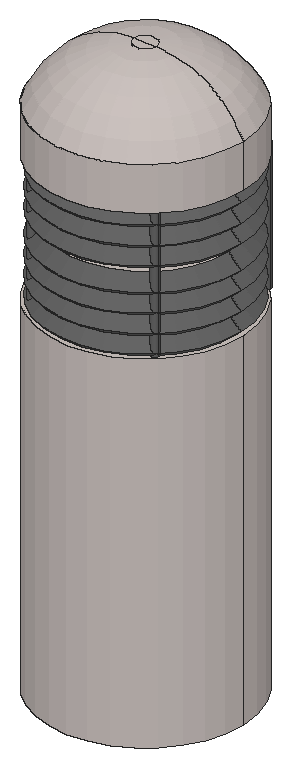
Revit family "CB9R", category Lighting Fixtures, host Face, Revit 2014
Parameters (values of type "24"")
  Wattage Comments = "28W"  # constant formula
  Wattage = 28 W
  built-in parameter 1150110 = 1 (stored number, unit not read)
  Voltage = 120 V
  URL = "https://www.hubbell.com/architecturalarealighting/en/"
  Type Comments = "Lighting Fixture"  # constant formula
  built-in parameter 1114217 = 1 (stored number, unit not read)
  Tilt Angle = 90.00°
  built-in parameter 1150109 = 1 (stored number, unit not read)
  built-in parameter 1150134 = 3
  built-in parameter 1150113 = 1 (stored number, unit not read)
  Grille Length = 6"
  Flat Top [instance] = not(Dome Top)  # no
  Dome Top [instance] = yes
  Copyrights = "Copyright © 2018 Hubbell"  # constant formula
  Contact Us = "https://www.hubbell.com/hubbelllightingci/en/contactUs?productId=220613"
  Body Material = Concrete-Hubbell- Sand/Cement Screed
  Shaft Height = 24"
  Series = "Concrete Bollard"  # constant formula
  Create Date = "09/27/2018"  # constant formula
  Product Page URL = "https://www.hubbell.com/hubbelllightingci/en/Products/Lighting-Controls/Commercial-Outdoor-Lighting/Bollards/Concrete-Bollard---9/p/220613"
  Product Documentation Link = "https://hubbellcdn.com/specsheet/aal_cb9r_spec.pdf"
  Power Factor = 1  # constant formula
  Photometric Web Link = "https://www.hubbell.com/hubbelllightingci/en/Products/Lighting-Controls/Commercial-Outdoor-Lighting/Bollards/Concrete-Bollard---9/p/220613#prod-resources-section"
  Photometric Web File = "CB9R-CO-27LED-BW.IES"
  Photometric Notes = "More IES files download on Photometric Web Link"  # constant formula
  OmniClass Title = "Lighting Bollard"  # constant formula
  OmniClass Number = "23.80.70.14.11.11"  # constant formula
  Number of Poles = 1
  Model = "CB9R"  # constant formula
  MasterFormat Title = "Parking Lighting, Roadway Lighting, Site Lighting"  # constant formula
  Manufacturer = "Architectural Area Lighting"  # constant formula
  built-in parameter 1150105 = 39.216 (stored number, unit not read)
  Lumens = 492.8 lm
  built-in parameter 1150115 = 1 (stored number, unit not read)
  Load Classification = Lighting
  built-in parameter 1150137 = (empty or 0)
  built-in parameter 1150139 = (empty or 0)
  built-in parameter 1150112 = 1 (stored number, unit not read)
  built-in parameter 1150114 = 1 (stored number, unit not read)
  Lamp = "LED"  # constant formula
  built-in parameter 1150132 = (empty or 0)
  built-in parameter 1150102 = (empty or 0)
  built-in parameter 1150107 = 3200 (stored number, unit not read)
  built-in parameter 1150138 = (empty or 0)
  built-in parameter 1150106 = 0.39216 (stored number, unit not read)
  Grille material = Paint - Hubbell - Carbon Black
  Glass Material = Glass-Kim Lighting-Clear
  Emit from Circle Diameter = 6"  # constant formula
  Emit Shape Visible in Rendering = no
  built-in parameter 1150104 = 1.6351 (stored number, unit not read)
  Dimming Lamp Color Temperature Shift = <None>
  Description = "Architectural Outdoor Lighting"  # constant formula
  Default Elevation = 0"
  Color Filter = 16777215
  built-in parameter 1114218 = 1 (stored number, unit not read)
  built-in parameter 1150133 = 10 (stored number, unit not read)
  Assembly Code = "D5020200"
  Apparent Load = 0 VA
Types (3): name | Shaft Height
  24" | 24"
  36" | 36"
  42" | 42"
Reference planes (in)
  plane 1 "Center (Front/Back)": y = 0
  plane 2: z = 0
  plane 3 "Center (Left/Right)": x = 2
  plane 4 "Top of Shaft": z = 24
  plane 5 "Left": x = -3
  plane 6 "Right": x = 7
  plane 7: x = -2.5
  plane 8: x = 6.5
  plane 9 "Back": y = 4
  plane 10 "Front": y = -4
  plane 11: z = 22
  plane 12: z = 16
  plane 13: z = 26.5
Forms (in)
  Revolve 1, solid, material "Concrete-Hubbell- Sand/Cement Screed" <- "Body Material"
    sketch origin (0, 0, 0) x (1, 0, 0) y (0, 0, 1)
      loop
        line (-2.5, 24) -> (-2.5, 0) -> (2, 0) -> (2, 24) -> (-2.5, 24)
      axis (2, 24) -> (2, 0)
    angle from 0 to 360
  Extrusion 2, void
    sketch origin (0, 0, 42.5) x (-1, 0, 0) y (0, -1, 0)
      loop
        circle (-2, 0) r 6
    from -26.5 to -20.5
  Revolve 3, solid, material "Paint - Hubbell - Carbon Black" <- "Grille material"
    sketch origin (0, 0, 0) x (1, 0, 0) y (0, 0, 1)
      loop
        line (-1.8125, 16.68718) -> (-2.375, 16.12468) -> (-2.23413, 15.98381) -> (-1.67163, 16.54631) -> (-1.8125, 16.68718)
      loop
        line (-1.8125, 17.53011) -> (-2.375, 16.96761) -> (-2.23413, 16.82675) -> (-1.67163, 17.38925) -> (-1.8125, 17.53011)
      loop
        line (-1.8125, 18.37305) -> (-2.375, 17.81055) -> (-2.23413, 17.66968) -> (-1.67163, 18.23218) -> (-1.8125, 18.37305)
      loop
        line (-1.8125, 19.21599) -> (-2.375, 18.65349) -> (-2.23413, 18.51262) -> (-1.67163, 19.07512) -> (-1.8125, 19.21599)
      loop
        line (-1.8125, 20.30828) -> (-2.375, 19.74578) -> (-2.23413, 19.60491) -> (-1.67163, 20.16741) -> (-1.8125, 20.30828)
      loop
        line (-1.8125, 21.15122) -> (-2.375, 20.58872) -> (-2.23413, 20.44785) -> (-1.67163, 21.01035) -> (-1.8125, 21.15122)
      loop
        line (-1.8125, 21.99416) -> (-2.375, 21.43166) -> (-2.23413, 21.29079) -> (-1.67163, 21.85329) -> (-1.8125, 21.99416)
      axis (2, 21.99416) -> (2, 15.98381)
    angle from 0 to 360
  Extrusion 4, solid, material "Paint - Hubbell - Carbon Black" <- "Grille material"
    sketch origin (0, 0, 42.5) x (-1, 0, 0) y (0, -1, 0)
      loop
        circle (-4.90735, -3.32451) r 0.17433
      loop
        circle (0.8136, -3.23076) r 0.17433
      loop
        circle (-4.8761, 3.04326) r 0.17433
      loop
        circle (0.8761, 2.91826) r 0.17433
    from -26.5 to -20.5
  Revolve 5, solid, material "Concrete-Hubbell- Sand/Cement Screed" <- "Body Material", visible <- "Dome Top"
    sketch origin (0, 0, 2.00584) x (1, 0, 0) y (0, 0, 1)
      loop
        line (2, 19.99416) -> (2, 24.49416) -> (1.5, 24.49416)
        arc (1.5, 24.49416) -> (-0.8585, 23.81775) -> (-2.5, 21.99416) r 4.45
        line (-2.5, 21.99416) -> (-2.5, 19.99416) -> (2, 19.99416)
      axis (2, 24.49416) -> (2, 19.99416)
    angle from 0 to 360
  Extrusion 6, solid, material "Concrete-Hubbell- Sand/Cement Screed" <- "Body Material", visible <- "Flat Top"
    sketch origin (0, 0, 42.5) x (-1, 0, 0) y (0, -1, 0)
      loop
        circle (-2, 0) r 4.5
    from -18.5 to -16
  Sweep 7, void
    path in 3D
      loop
        arc (6.5, 0, 26.5) -> (2, -4.5, 26.5) -> (-2.5, 0, 26.5) r 4.5
        arc (-2.5, 0, 26.5) -> (2, 4.5, 26.5) -> (6.5, 0, 26.5) r 4.5
    profile origin (2, 4.5, 26.5) x (0, 1, 0) y (0, 0, 1)
      loop
        line (0, 0) -> (-0.5, 0)
        arc (-0.5, 0) -> (-0.14645, -0.14645) -> (0, -0.5) r 0.5
        line (0, -0.5) -> (0, 0)
Cuts and joins
  Extrusion 2 cuts Revolve 1
  Sweep 7 cuts Extrusion 6
Lines and regions (in)
  symbolic lines
    curve 1: arc (-4.15955, 0, 42.5) -> (1.68994, 5.84949, 42.5) -> (7.53943, 0, 42.5) r 5.84949
    curve 2: arc (7.53943, 0, 42.5) -> (1.68994, -5.84949, 42.5) -> (-4.15955, 0, 42.5) r 5.84949
  symbolic lines, detail levels medium+fine
    curve 3: arc (-3.37012, 0, 42.5) -> (1.68994, -5.06006, 42.5) -> (6.75, 0, 42.5) r 5.06006
    curve 4: arc (6.75, 0, 42.5) -> (1.68994, 5.06006, 42.5) -> (-3.37012, 0, 42.5) r 5.06006
  symbolic lines, detail levels coarse
    curve 5: line (5.85876, -4.10335, 42.5) -> (-1.85876, 4.65009, 42.5)
    curve 6: line (-1.85876, -4.65009, 42.5) -> (5.85876, 4.10335, 42.5)
  sketch lines
    curve 7: arc (-2.5, 0, 26.5) -> (2, 4.5, 26.5) -> (6.5, 0, 26.5) r 4.5
    curve 8: arc (6.5, 0, 26.5) -> (2, -4.5, 26.5) -> (-2.5, 0, 26.5) r 4.5
Dimensions and locks (in)
  plane 5 "Left" to plane 3 "Center (Left/Right)" to plane 6 "Right" = 5", 5"
  plane 5 "Left" to plane 6 "Right" = 10"  (x2)
  "Shaft Height": plane 4 "Top of Shaft" to plane 2
  plane 7 to plane 3 "Center (Left/Right)" to plane 8 = 4 1/2", 4 1/2"
  plane 7 to plane 8 = 9"
  locked: plane 9 "Back" to plane 10 "Front" at 8
  equal spacing: plane 9 "Back", plane 1 "Center (Front/Back)", plane 10 "Front"
  plane 4 "Top of Shaft" to plane 11 = 2"
  "Grille Length": plane 11 to plane 12
  locked: plane 13 to plane 4 "Top of Shaft" at 2.5
  aligned and locked: plane 2 to host face
  aligned and locked: level to host face
  aligned and locked: host face to Revolve 1 sketch curve
  aligned and locked: Revolve 1 to plane 4 "Top of Shaft"  (x2)
  aligned and locked: plane 1 "Center (Front/Back)" to imposter light
  aligned and locked: imposter light to plane 3 "Center (Left/Right)"
  aligned and locked: Revolve 1 sketch curve to plane 3 "Center (Left/Right)"  (x2)
  aligned and locked: Extrusion 2 to plane 12
  aligned and locked: plane 11 to Extrusion 2
  aligned and locked: Extrusion 4 to cut or joined group of Revolve 1, Extrusion 2
  aligned and locked: cut or joined group of Revolve 1, Extrusion 2 to Extrusion 4
  aligned and locked: Revolve 3 sketch curve to plane 3 "Center (Left/Right)"
  aligned and locked: Revolve 5 to plane 11
  aligned and locked: plane 13 to Revolve 5 sketch curve
  aligned and locked: Extrusion 6 to plane 4 "Top of Shaft"
  aligned and locked: plane 13 to Extrusion 6
  aligned and locked: imposter light to plane 11
  aligned and locked: Revolve 1 sketch curve to plane 7
Automatic sketch dimensions
  host sketch curve to host sketch curve = 96"  (x2)
  curve 1 to curve 3 = 0"  (x2)
  curve 4 to plane 8 = 1/4"
  plane 8 to curve 5 = 0.64124"
  plane 8 to curve 6 = 0.64124"
  curve 6 to plane 7 = 0.64124"
  curve 5 to plane 7 = 0.64124"
  Revolve 1 sketch curve to plane 4 "Top of Shaft" = 0"
  Revolve 1 sketch curve to level = 19.42928"
  plane 4 "Top of Shaft" to Revolve 1 sketch curve = 51.85205"
  plane 1 "Center (Front/Back)" to Extrusion 2 sketch curve = 0"
  Extrusion 2 sketch curve to plane 3 "Center (Left/Right)" = 0"
  plane 10 "Front" to Extrusion 4 sketch curve = 0.95674"
  plane 8 to Extrusion 4 sketch curve = 1.6239"
  Extrusion 4 sketch curve to plane 9 "Back" = 0.67549"
  plane 8 to Extrusion 4 sketch curve = 1.59265"
  plane 10 "Front" to Extrusion 4 sketch curve = 1.08174"
  Extrusion 4 sketch curve to plane 7 = 1.6239"
  Extrusion 4 sketch curve to plane 9 "Back" = 0.76924"
  Extrusion 4 sketch curve to plane 7 = 1.6864"
  Revolve 5 sketch curve to plane 3 "Center (Left/Right)" = 0"  (x2)
  plane 11 to Revolve 5 sketch curve = 0.05"
  Revolve 5 sketch curve to level = 17.42344"
  Revolve 5 sketch curve to plane 11 = 0"
  plane 4 "Top of Shaft" to Revolve 5 sketch curve = 0"
  Revolve 5 sketch curve to Revolve 5 sketch curve = 51.35789"
  plane 7 to Revolve 5 sketch curve = 0"
  Revolve 3 sketch curve to plane 7 = 1/8"  (x7)
  Revolve 3 sketch curve to Revolve 3 sketch curve = 0.14087"  (x12)
  Revolve 3 sketch curve to plane 12 = 0.01619"
  Revolve 3 sketch curve to Revolve 3 sketch curve = 0.42163"  (x6)
  Revolve 3 sketch curve to plane 11 = 0.00584"
  Revolve 3 sketch curve to plane 7 = 11/16"
  plane 12 to Revolve 3 sketch curve = 0.12468"
  Revolve 3 sketch curve to Revolve 3 sketch curve = 0.13957"  (x5)
  Revolve 3 sketch curve to Revolve 3 sketch curve = 0.38892"
  Revolve 3 sketch curve to level = 19.42928"
  plane 4 "Top of Shaft" to Revolve 3 sketch curve = 51.85205"
  plane 1 "Center (Front/Back)" to Extrusion 6 sketch curve = 0"
  Extrusion 6 sketch curve to plane 3 "Center (Left/Right)" = 0"
  Sweep 7 sketch curve to profile plane = 0"  (x2)
  profile plane to Sweep 7 sketch curve = 1/2"
  radius of Extrusion 2 sketch curve = 6"
  radius of Extrusion 4 sketch curve = 0.17433"  (x4)
  radius of Extrusion 6 sketch curve = 4 1/2"
Connectors (in)
  electrical at (2, 0, 0), driven by "Power Factor", driven by "Voltage", driven by "Apparent Load", driven by "Number of Poles", driven by "Load Classification"
    settings: on Revolve 1, index 1, voltage 120 V, apparent load 0 VA, apparent load phase1 0 VA, apparent load phase2 0 VA, apparent load phase3 0 VA, power factor 1, load classification "Lighting", number of poles 1, system type 30, power factor state 1, is connector primary yes, connector utility no, sub classification motor no, connector description "Lighting Connector"
